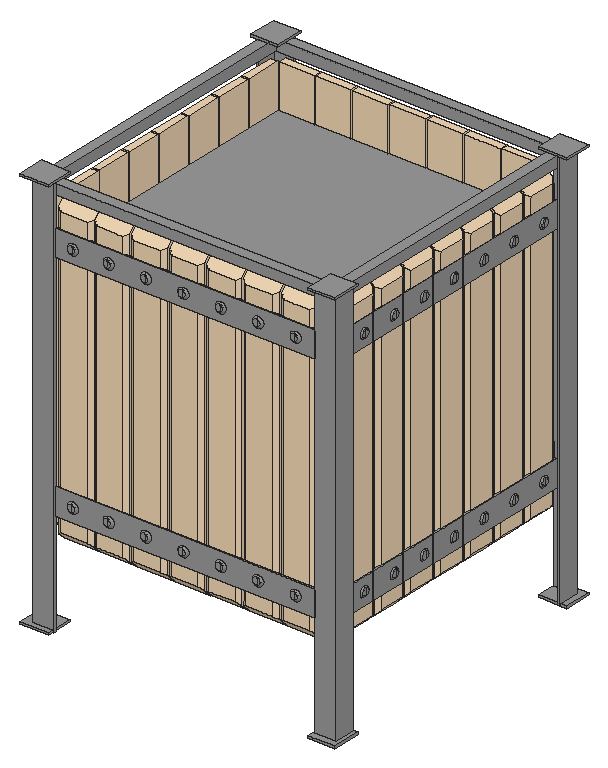
Revit family "«Квадро» цветочница парковая", category Антураж, Revit 2017
Family settings
  На основе рабочей плоскости = Нет
  Всегда вертикально = Да
  При загрузке вырезать с полостями = Нет
  Источник визуального образа = Геометрия семейства
  Общий = Нет
  Точка расчета площади = Нет
Parameters (values of type "«Квадро» цветочница парковая")
  Стоимость = 10800
  Изготовитель = "ООО \"Хоббика\""
  Высота = 0 mm
  АDSK_Материал вазона = Сталь, окрашенная, черная
  URL = "https://hobbyka.ru/product/cvetochnica_parkovaia_kvadro/?sphrase_id=80630"
  ADSK_Размер_Ширина = 490 mm
  ADSK_Размер_Длина = ADSK_Размер_Ширина  # 490 mm
  ADSK_Размер_Высота = 620 mm
  ADSK_Наименование = "«Квадро» цветочница парковая"
  ADSK_Материал фурнитуры = Сталь, окрашенная, черная(1)
  ADSK_Материал ламелей = Лиственница
  ADSK_Код изделия = "6757"
Reference planes
  plane 1 "По центру (Вперед/Назад)": y = 0
  plane 2: z = 0
  plane 3 "По центру (Влево/Вправо)": x = 0
Forms (mm)
  Extrusion 1, solid, material "Сталь, окрашенная, черная" <- "АDSK_Материал вазона"
    sketch origin (0, 0, 455) x (1, 0, 0) y (0, 1, 0)
      loop
        line (-214.36, 207.857) -> (-214.36, -221.906) -> (216.88, -221.906) -> (216.88, 207.857) -> (-214.36, 207.857)
      loop
        line (232.4, -237.426) -> (232.4, 223.377) -> (-229.88, 223.377) -> (-229.88, -237.426) -> (232.4, -237.426)
    from 151.601 to 167.601
  Extrusion 2, solid, material "Сталь, окрашенная, черная" <- "АDSK_Материал вазона"
    sketch origin (0, 0, -9) x (1, 0, 0) y (0, 1, 0)
      loop
        line (-185.98, 179.957) -> (-185.98, -193.526) -> (188.5, -193.526) -> (188.5, 179.957) -> (-185.98, 179.957)
      loop
        line (204.02, -209.046) -> (204.02, 195.477) -> (-201.5, 195.477) -> (-201.5, -209.046) -> (204.02, -209.046)
    from 151.601 to 167.601
  Extrusion 3, solid, material "Сталь, окрашенная, черная" <- "АDSK_Материал вазона"
    sketch origin (0, 0, 0) x (1, 0, 0) y (0, 1, 0)
      loop
        line (-199.979, 226.954) -> (-232.979, 226.954) -> (-232.979, 193.954) -> (-229.982, 193.954) -> (-229.982, 223.957) -> (-199.979, 223.957) -> (-199.979, 226.954)
      loop
        line (204.02, 226.954) -> (204.02, 223.957) -> (234.022, 223.957) -> (234.022, 193.954) -> (237.02, 193.954) -> (237.02, 226.954) -> (204.02, 226.954)
      loop
        line (-199.979, -240.523) -> (-199.979, -237.526) -> (-229.982, -237.526) -> (-229.982, -207.523) -> (-232.979, -207.523) -> (-232.979, -240.523) -> (-199.979, -240.523)
      loop
        line (204.02, -240.523) -> (237.02, -240.523) -> (237.02, -207.523) -> (234.022, -207.523) -> (234.022, -237.526) -> (204.02, -237.526) -> (204.02, -240.523)
    from 0 to 622.601
  Extrusion 4, solid, material "Сталь, окрашенная, черная" <- "АDSK_Материал вазона"
    sketch origin (0, 0, 0) x (1, 0, 0) y (0, 1, 0)
      loop
        line (188.5, 179.957) -> (-185.98, 179.957) -> (-185.98, -193.526) -> (188.5, -193.526) -> (188.5, 179.957)
    from 142.601 to 150.063
  Extrusion 5, solid, material "Сталь, окрашенная, черная" <- "АDSK_Материал вазона"
    sketch origin (0, 0, 0) x (1, 0, 0) y (0, 1, 0)
      loop
        line (-241.979, 237.954) -> (-241.979, 193.954) -> (-199.979, 193.954) -> (-199.979, 237.954) -> (-241.979, 237.954)
      loop
        line (248.02, 235.956) -> (204.02, 235.956) -> (204.02, 193.956) -> (248.02, 193.956) -> (248.02, 235.956)
      loop
        line (244.499, -251.523) -> (244.499, -207.523) -> (202.499, -207.523) -> (202.499, -251.523) -> (244.499, -251.523)
      loop
        line (-245.5, -249.525) -> (-201.5, -249.525) -> (-201.5, -207.525) -> (-245.5, -207.525) -> (-245.5, -249.525)
    from 0 to 3
  Extrusion 6, solid, material "Сталь, окрашенная, черная" <- "АDSK_Материал вазона"
    sketch origin (0, 0, 622.601) x (1, 0, 0) y (0, 1, 0)
      loop
        line (-241.979, 237.954) -> (-241.979, 193.954) -> (-199.979, 193.954) -> (-199.979, 237.954) -> (-241.979, 237.954)
      loop
        line (248.02, 235.956) -> (204.02, 235.956) -> (204.02, 193.956) -> (248.02, 193.956) -> (248.02, 235.956)
      loop
        line (244.499, -251.523) -> (244.499, -207.523) -> (202.499, -207.523) -> (202.499, -251.523) -> (244.499, -251.523)
      loop
        line (-245.5, -249.525) -> (-201.5, -249.525) -> (-201.5, -207.525) -> (-245.5, -207.525) -> (-245.5, -249.525)
    from 0 to 3
  Extrusion 7, solid, material "Земля"
    sketch origin (0, 0, 0) x (1, 0, 0) y (0, 1, 0)
      loop
        line (-201.5, 195.477) -> (-201.5, -209.046) -> (204.02, -209.046) -> (204.02, 195.477) -> (-201.5, 195.477)
    from 158.601 to 534.403
  Extrusion 8, solid, material "Сталь, окрашенная, черная" <- "АDSK_Материал вазона"
    sketch origin (0, 0, 0) x (1, 0, 0) y (0, 1, 0)
      loop
        line (-232.011, 193.954) -> (-232.011, -207.523) -> (-229.5, -207.523) -> (-229.5, 193.954) -> (-232.011, 193.954)
      loop
        line (232.011, 193.954) -> (229.5, 193.954) -> (229.5, -207.523) -> (232.011, -207.523) -> (232.011, 193.954)
      loop
        line (204.02, 225.988) -> (-199.979, 225.988) -> (-199.979, 223.477) -> (204.02, 223.477) -> (204.02, 225.988)
      loop
        line (204.02, -237.046) -> (-199.979, -237.046) -> (-199.979, -239.557) -> (204.02, -239.557) -> (204.02, -237.046)
    from 162.307 to 202.673
  Extrusion 9, solid, material "Сталь, окрашенная, черная" <- "АDSK_Материал вазона"
    sketch origin (0, 0, 358.952) x (1, 0, 0) y (0, 1, 0)
      loop
        line (-232.011, 193.954) -> (-232.011, -207.523) -> (-229.5, -207.523) -> (-229.5, 193.954) -> (-232.011, 193.954)
      loop
        line (232.011, 193.954) -> (229.5, 193.954) -> (229.5, -207.523) -> (232.011, -207.523) -> (232.011, 193.954)
      loop
        line (204.02, 225.988) -> (-199.979, 225.988) -> (-199.979, 223.477) -> (204.02, 223.477) -> (204.02, 225.988)
      loop
        line (204.02, -237.046) -> (-199.979, -237.046) -> (-199.979, -239.557) -> (204.02, -239.557) -> (204.02, -237.046)
    from 162.307 to 202.673
Lines and regions (mm)
  symbolic lines
    curve 1: line (0, 8.028, 229.319) -> (0, 18.946, 229.319)
Dimensions and locks
  Extrusion 8 to nested 10 to Extrusion 8 = 20.294 mm, 20.072 mm
  Extrusion 6 to Extrusion 6 = 489.999 mm
  aligned and locked: level to plane 2
Nested families
  nested 1: "Семейство3" at (201.5, -209.046, 122.601) x (0, 0, 1) z (0, -1, 0), Материал ламели <- "ADSK_Материал ламелей", Материал фурнитуры <- "ADSK_Материал фурнитуры", type "Семейство3"
    with Материал фурнитуры Сталь, окрашенная, черная(1), Материал ламели Лиственница, Длина ламели 478.952 mm, b 60 mm
  nested 2: "Семейство3" at (143.5, -209.046, 122.601) x (0, 0, 1) z (0, -1, 0), Материал ламели <- "ADSK_Материал ламелей", Материал фурнитуры <- "ADSK_Материал фурнитуры", type "Семейство3"
    with Материал фурнитуры Сталь, окрашенная, черная(1), Материал ламели Лиственница, Длина ламели 478.952 mm, b 60 mm
  nested 3: "Семейство3" at (85.5, -209.046, 122.601) x (0, 0, 1) z (0, -1, 0), Материал ламели <- "ADSK_Материал ламелей", Материал фурнитуры <- "ADSK_Материал фурнитуры", type "Семейство3"
    with Материал фурнитуры Сталь, окрашенная, черная(1), Материал ламели Лиственница, Длина ламели 478.952 mm, b 60 mm
  nested 4: "Семейство3" at (27.5, -209.046, 122.601) x (0, 0, 1) z (0, -1, 0), Материал ламели <- "ADSK_Материал ламелей", Материал фурнитуры <- "ADSK_Материал фурнитуры", type "Семейство3"
    with Материал фурнитуры Сталь, окрашенная, черная(1), Материал ламели Лиственница, Длина ламели 478.952 mm, b 60 mm
  nested 5: "Семейство3" at (-30.5, -209.046, 122.601) x (0, 0, 1) z (0, -1, 0), Материал ламели <- "ADSK_Материал ламелей", Материал фурнитуры <- "ADSK_Материал фурнитуры", type "Семейство3"
    with Материал фурнитуры Сталь, окрашенная, черная(1), Материал ламели Лиственница, Длина ламели 478.952 mm, b 60 mm
  nested 6: "Семейство3" at (-88.5, -209.046, 122.601) x (0, 0, 1) z (0, -1, 0), Материал ламели <- "ADSK_Материал ламелей", Материал фурнитуры <- "ADSK_Материал фурнитуры", type "Семейство3"
    with Материал фурнитуры Сталь, окрашенная, черная(1), Материал ламели Лиственница, Длина ламели 478.952 mm, b 60 mm
  nested 7: "Семейство3" at (-143.98, -209.046, 122.601) x (0, 0, 1) z (0, -1, 0), Материал ламели <- "ADSK_Материал ламелей", Материал фурнитуры <- "ADSK_Материал фурнитуры", type "Семейство3"
    with Материал фурнитуры Сталь, окрашенная, черная(1), Материал ламели Лиственница, Длина ламели 478.952 mm, b 60 mm
  nested 8: "Семейство3" at (201.5, 195.477, 122.601) x (0, 0, 1) z (0, 1, 0), Материал ламели <- "ADSK_Материал ламелей", Материал фурнитуры <- "ADSK_Материал фурнитуры", type "Семейство3"
    with Материал фурнитуры Сталь, окрашенная, черная(1), Материал ламели Лиственница, Длина ламели 478.952 mm, b 60 mm
  nested 9: "Семейство3" at (143.5, 195.477, 122.601) x (0, 0, 1) z (0, 1, 0), Материал ламели <- "ADSK_Материал ламелей", Материал фурнитуры <- "ADSK_Материал фурнитуры", type "Семейство3"
    with Материал фурнитуры Сталь, окрашенная, черная(1), Материал ламели Лиственница, Длина ламели 478.952 mm, b 60 mm
  nested 10: "Семейство3" at (85.5, 195.477, 122.601) x (0, 0, 1) z (0, 1, 0), Материал ламели <- "ADSK_Материал ламелей", Материал фурнитуры <- "ADSK_Материал фурнитуры", type "Семейство3"
    with Материал фурнитуры Сталь, окрашенная, черная(1), Материал ламели Лиственница, Длина ламели 478.952 mm, b 60 mm
  nested 11: "Семейство3" at (27.5, 195.477, 122.601) x (0, 0, 1) z (0, 1, 0), Материал ламели <- "ADSK_Материал ламелей", Материал фурнитуры <- "ADSK_Материал фурнитуры", type "Семейство3"
    with Материал фурнитуры Сталь, окрашенная, черная(1), Материал ламели Лиственница, Длина ламели 478.952 mm, b 60 mm
  nested 12: "Семейство3" at (-30.5, 195.477, 122.601) x (0, 0, 1) z (0, 1, 0), Материал ламели <- "ADSK_Материал ламелей", Материал фурнитуры <- "ADSK_Материал фурнитуры", type "Семейство3"
    with Материал фурнитуры Сталь, окрашенная, черная(1), Материал ламели Лиственница, Длина ламели 478.952 mm, b 60 mm
  nested 13: "Семейство3" at (-88.5, 195.477, 122.601) x (0, 0, 1) z (0, 1, 0), Материал ламели <- "ADSK_Материал ламелей", Материал фурнитуры <- "ADSK_Материал фурнитуры", type "Семейство3"
    with Материал фурнитуры Сталь, окрашенная, черная(1), Материал ламели Лиственница, Длина ламели 478.952 mm, b 60 mm
  nested 14: "Семейство3" at (-143.98, 195.477, 122.601) x (0, 0, 1) z (0, 1, 0), Материал ламели <- "ADSK_Материал ламелей", Материал фурнитуры <- "ADSK_Материал фурнитуры", type "Семейство3"
    with Материал фурнитуры Сталь, окрашенная, черная(1), Материал ламели Лиственница, Длина ламели 478.952 mm, b 60 mm
  nested 15: "Семейство3" at (-201.5, -152.523, 601.553) x (0, 0, -1) z (-1, 0, 0), Материал ламели <- "ADSK_Материал ламелей", Материал фурнитуры <- "ADSK_Материал фурнитуры", type "Семейство3"
    with Материал фурнитуры Сталь, окрашенная, черная(1), Материал ламели Лиственница, Длина ламели 478.952 mm, b 60 mm
  nested 16: "Семейство3" at (-201.5, -94.523, 601.553) x (0, 0, -1) z (-1, 0, 0), Материал ламели <- "ADSK_Материал ламелей", Материал фурнитуры <- "ADSK_Материал фурнитуры", type "Семейство3"
    with Материал фурнитуры Сталь, окрашенная, черная(1), Материал ламели Лиственница, Длина ламели 478.952 mm, b 60 mm
  nested 17: "Семейство3" at (-201.5, -36.523, 601.553) x (0, 0, -1) z (-1, 0, 0), Материал ламели <- "ADSK_Материал ламелей", Материал фурнитуры <- "ADSK_Материал фурнитуры", type "Семейство3"
    with Материал фурнитуры Сталь, окрашенная, черная(1), Материал ламели Лиственница, Длина ламели 478.952 mm, b 60 mm
  nested 18: "Семейство3" at (-201.5, 21.477, 601.553) x (0, 0, -1) z (-1, 0, 0), Материал ламели <- "ADSK_Материал ламелей", Материал фурнитуры <- "ADSK_Материал фурнитуры", type "Семейство3"
    with Материал фурнитуры Сталь, окрашенная, черная(1), Материал ламели Лиственница, Длина ламели 478.952 mm, b 60 mm
  nested 19: "Семейство3" at (-201.5, 79.477, 601.553) x (0, 0, -1) z (-1, 0, 0), Материал ламели <- "ADSK_Материал ламелей", Материал фурнитуры <- "ADSK_Материал фурнитуры", type "Семейство3"
    with Материал фурнитуры Сталь, окрашенная, черная(1), Материал ламели Лиственница, Длина ламели 478.952 mm, b 60 mm
  nested 20: "Семейство3" at (-201.5, 137.477, 601.553) x (0, 0, -1) z (-1, 0, 0), Материал ламели <- "ADSK_Материал ламелей", Материал фурнитуры <- "ADSK_Материал фурнитуры", type "Семейство3"
    with Материал фурнитуры Сталь, окрашенная, черная(1), Материал ламели Лиственница, Длина ламели 478.952 mm, b 60 mm
  nested 21: "Семейство3" at (-201.5, 195.477, 601.553) x (0, 0, -1) z (-1, 0, 0), Материал ламели <- "ADSK_Материал ламелей", Материал фурнитуры <- "ADSK_Материал фурнитуры", type "Семейство3"
    with Материал фурнитуры Сталь, окрашенная, черная(1), Материал ламели Лиственница, Длина ламели 478.952 mm, b 60 mm
  nested 22: "Семейство3" at (201.5, -152.523, 601.553) x (0, 0, -1) z (1, 0, 0), Материал ламели <- "ADSK_Материал ламелей", Материал фурнитуры <- "ADSK_Материал фурнитуры", type "Семейство3"
    with Материал фурнитуры Сталь, окрашенная, черная(1), Материал ламели Лиственница, Длина ламели 478.952 mm, b 60 mm
  nested 23: "Семейство3" at (201.5, -94.523, 601.553) x (0, 0, -1) z (1, 0, 0), Материал ламели <- "ADSK_Материал ламелей", Материал фурнитуры <- "ADSK_Материал фурнитуры", type "Семейство3"
    with Материал фурнитуры Сталь, окрашенная, черная(1), Материал ламели Лиственница, Длина ламели 478.952 mm, b 60 mm
  nested 24: "Семейство3" at (201.5, -36.523, 601.553) x (0, 0, -1) z (1, 0, 0), Материал ламели <- "ADSK_Материал ламелей", Материал фурнитуры <- "ADSK_Материал фурнитуры", type "Семейство3"
    with Материал фурнитуры Сталь, окрашенная, черная(1), Материал ламели Лиственница, Длина ламели 478.952 mm, b 60 mm
  nested 25: "Семейство3" at (201.5, 21.477, 601.553) x (0, 0, -1) z (1, 0, 0), Материал ламели <- "ADSK_Материал ламелей", Материал фурнитуры <- "ADSK_Материал фурнитуры", type "Семейство3"
    with Материал фурнитуры Сталь, окрашенная, черная(1), Материал ламели Лиственница, Длина ламели 478.952 mm, b 60 mm
  nested 26: "Семейство3" at (201.5, 79.477, 601.553) x (0, 0, -1) z (1, 0, 0), Материал ламели <- "ADSK_Материал ламелей", Материал фурнитуры <- "ADSK_Материал фурнитуры", type "Семейство3"
    with Материал фурнитуры Сталь, окрашенная, черная(1), Материал ламели Лиственница, Длина ламели 478.952 mm, b 60 mm
  nested 27: "Семейство3" at (201.5, 137.477, 601.553) x (0, 0, -1) z (1, 0, 0), Материал ламели <- "ADSK_Материал ламелей", Материал фурнитуры <- "ADSK_Материал фурнитуры", type "Семейство3"
    with Материал фурнитуры Сталь, окрашенная, черная(1), Материал ламели Лиственница, Длина ламели 478.952 mm, b 60 mm
  nested 28: "Семейство3" at (201.5, 195.477, 601.553) x (0, 0, -1) z (1, 0, 0), Материал ламели <- "ADSK_Материал ламелей", Материал фурнитуры <- "ADSK_Материал фурнитуры", type "Семейство3"
    with Материал фурнитуры Сталь, окрашенная, черная(1), Материал ламели Лиственница, Длина ламели 478.952 mm, b 60 mm
Definition of nested family "Семейство3"
  Parameters (values of type "Семейство3")
    Default Elevation = 1219.2 mm
    Материал фурнитуры [instance] = none
    Материал ламели [instance] = none
    Длина ламели [instance] = 424.398 mm
    b [instance] = 50 mm
  Reference planes
    plane 1 "По центру (Вперед/Назад)": y = 0
    plane 2: z = 0
    plane 3 "По центру (Влево/Вправо)": x = 0
    plane 4: x = 424.398
    plane 5: x = 50
    plane 6: x = 374.398
    plane 7: y = 27.5
  Forms (mm)
    Extrusion 1, solid
      sketch origin (0, 0, 0) x (1, 0, 0) y (0, 1, 0)
        loop
          line (-1219.2, 1219.2) -> (-1219.2, -1219.2) -> (1219.2, -1219.2) -> (1219.2, 1219.2) -> (-1219.2, 1219.2)
      from 0 to -304.8
    Extrusion 2, solid, material <- "Материал ламели"
      sketch origin (0, 0, 0) x (0, 1, 0) y (0, 0, 1)
        loop
          line (48.207, 28) -> (6.793, 28) -> (0, 23.25) -> (0, 0) -> (55, 0) -> (55, 23.25) -> (48.207, 28)
      from 0 to 424.398
    Extrusion 3, void
      sketch origin (0, 0, 0) x (1, 0, 0) y (0, 0, 1)
        loop
          line (0, 11.625) -> (16.375, 28) -> (0, 28) -> (0, 11.625)
      from -83.197 to 37.16
    Extrusion 4, void
      sketch origin (446.463, 0, 0) x (-1, 0, 0) y (0, 0, -1)
        loop
          line (22.065, -11.625) -> (22.065, -28) -> (38.44, -28) -> (22.065, -11.625)
      from -83.197 to 37.16
    Revolve 5, solid, material <- "Материал фурнитуры"
      sketch origin (0, 27.5, 2.511) x (1, 0, 0) y (0, 0, 1)
        loop
          line (50, 30.894) -> (50, 28) -> (58.028, 28) -> (55.6, 30.894) -> (50, 30.894)
        axis (50, 30.894) -> (50, 28)
      angle from 0 to 360
    Revolve 6, solid, material <- "Материал фурнитуры"
      sketch origin (346.463, 27.5, 2.511) x (1, 0, 0) y (0, 0, 1)
        loop
          line (27.935, 30.894) -> (27.935, 28) -> (35.963, 28) -> (33.535, 30.894) -> (27.935, 30.894)
        axis (27.935, 30.894) -> (27.935, 28)
      angle from 0 to 360
  Cuts and joins
    Extrusion 3, Extrusion 4 cuts Extrusion 2
  Dimensions and locks
    "Длина ламели": plane 4 to plane 3 "По центру (Влево/Вправо)"
    "b": plane 3 "По центру (Влево/Вправо)" to plane 5
    "b": plane 6 to plane 4
    equal spacing: plane 1 "По центру (Вперед/Назад)", plane 7, cut or joined group of Extrusion 2, Extrusion 3, Extrusion 4
    aligned and locked: plane 2 to Extrusion 1
    aligned and locked: level to Extrusion 1
    aligned and locked: plane 4 to Extrusion 2
    aligned and locked: Extrusion 2 to plane 3 "По центру (Влево/Вправо)"
    aligned and locked: Extrusion 3 sketch curve to plane 3 "По центру (Влево/Вправо)"
    aligned and locked: Extrusion 2 to Extrusion 3 sketch curve
    aligned and locked: plane 4 to cut or joined group of Extrusion 2, Extrusion 3, Extrusion 4
    aligned and locked: plane 7 to Revolve 5
    aligned and locked: plane 7 to Revolve 6
  Automatic sketch dimensions
    Extrusion 1 sketch curve to Extrusion 1 sketch curve = 2438.4 mm  (x2)
    Extrusion 2 sketch curve to level = 0 mm
    Extrusion 2 sketch curve to plane 1 "По центру (Вперед/Назад)" = 0 mm
    Extrusion 2 sketch curve to plane 1 "По центру (Вперед/Назад)" = 6.793 mm
    plane 7 to Extrusion 2 sketch curve = 20.707 mm
    plane 7 to Extrusion 2 sketch curve = 27.5 mm
    level to Extrusion 2 sketch curve = 23.25 mm
    Extrusion 2 sketch curve to Extrusion 2 sketch curve = 23.25 mm
    Extrusion 2 sketch curve to Extrusion 2 sketch curve = 4.75 mm
    plane 3 "По центру (Влево/Вправо)" to Extrusion 3 sketch curve = 16.375 mm
    level to Extrusion 3 sketch curve = 11.625 mm
    Extrusion 4 sketch curve to plane 4 = 0 mm
    plane 4 to Extrusion 4 sketch curve = 16.375 mm
    Extrusion 4 sketch curve to level = 11.625 mm
    Extrusion 4 sketch curve to Extrusion 4 sketch curve = 16.375 mm
    Revolve 5 sketch curve to plane 5 = 0 mm  (x2)
    plane 5 to Revolve 5 sketch curve = 5.6 mm
    Revolve 5 sketch curve to Revolve 5 sketch curve = 2.428 mm
    level to Revolve 5 sketch curve = 30.511 mm
    Revolve 5 sketch curve to Revolve 5 sketch curve = 2.894 mm
    Revolve 5 sketch curve to level = 69.489 mm
    Revolve 5 sketch curve to Revolve 5 sketch curve = 32.106 mm
    Revolve 6 sketch curve to plane 6 = 0 mm  (x2)
    Revolve 6 sketch curve to Revolve 6 sketch curve = 5.6 mm
    Revolve 6 sketch curve to Revolve 6 sketch curve = 2.428 mm
    level to Revolve 6 sketch curve = 30.511 mm
    Revolve 6 sketch curve to Revolve 6 sketch curve = 2.894 mm
    Revolve 6 sketch curve to level = 69.489 mm
    Revolve 6 sketch curve to Revolve 6 sketch curve = 32.106 mm
